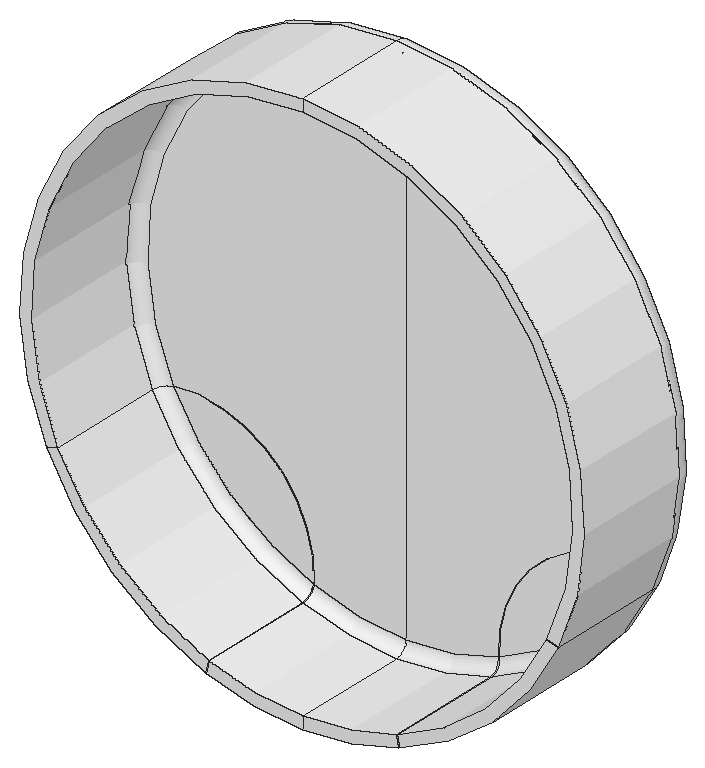
Revit family
Parameters (values of type "Incandescent 240 mm")
  Wattage Comments = "2 x 40 "
  Wattage = 9.2903 W
  built-in parameter 1150110 = 1 (stored number, unit not read)
  built-in parameter 1114217 = 1 (stored number, unit not read)
  built-in parameter 1150109 = 1 (stored number, unit not read)
  built-in parameter 1150134 = 3
  built-in parameter 1150113 = 1 (stored number, unit not read)
  Material = Plastic - White
  Manufacturer = "Revit"
  built-in parameter 1150105 = 109.82 (stored number, unit not read)
  Lumens = 1380 lm
  built-in parameter 1150115 = 1 (stored number, unit not read)
  Light Source Symbol Size = 609.6 mm
  built-in parameter 1150137 = (empty or 0)
  built-in parameter 1150139 = (empty or 0)
  built-in parameter 1150112 = 1 (stored number, unit not read)
  built-in parameter 1150114 = 1 (stored number, unit not read)
  Lamp = "Incandescent"
  Keynote = "V"
  built-in parameter 1150132 = 2
  built-in parameter 1150102 = (empty or 0)
  built-in parameter 1150107 = 3200 (stored number, unit not read)
  built-in parameter 1150138 = (empty or 0)
  built-in parameter 1150106 = 1.0982 (stored number, unit not read)
  built-in parameter 1150104 = 13.8 (stored number, unit not read)
  Dimming Lamp Color Temperature Shift = (empty or 0)
  Description = "Wall Lamp"
  Color Filter = 16777215
  built-in parameter 1114218 = 1 (stored number, unit not read)
  built-in parameter 1150133 = 10 (stored number, unit not read)
  Assembly Code = "D5020220"
Reference planes
  plane 1: y = 0
  plane 2 "Light Source Axis (L/R)": x = 125
  plane 3 "Light Source Axis (F/R)": y = 95
  plane 4 "Light Source Elevation": z = 1800
Forms (mm)
  Revolve 1, solid, material "Plastic - White" <- "Material"
    sketch origin (125, -1.74, 0) x (0, 1, 0) y (0, 0, 1)
      loop
        line (135, 1800) -> (130, 1800) -> (130, 1690)
        arc (130, 1690) -> (128.536, 1686.464) -> (125, 1685) r 5
        line (125, 1685) -> (75, 1685) -> (75, 1680) -> (125, 1680)
        arc (125, 1680) -> (132.071, 1682.929) -> (135, 1690) r 10
        line (135, 1690) -> (135, 1800)
      axis (135, 1800) -> (75, 1800)
    angle from 0 to 360
  Extrusion 2, void
    sketch origin (125, 73.26, 1800) x (1, 0, 0) y (0, 0, -1)
      loop
        arc (127.03, 62.068) -> (95.756, 104.765) -> (49.156, 129.855) r 120
        arc (49.156, 129.855) -> (57.105, 60.363) -> (127.03, 62.068) r 51.83
      loop
        arc (-129.517, 64.626) -> (-57.359, 60.143) -> (-50.919, 132.152) r 51.83
        arc (-50.919, 132.152) -> (-97.882, 107.31) -> (-129.517, 64.626) r 120.003
    from 0 to 85.231
  Extrusion 3, void
    sketch origin (125, 73.26, 1800) x (-1, 0, 0) y (0, 0, -1)
      loop
        arc (-42.559, 117.532) -> (-56.119, 61.243) -> (-113.375, 52.641) r 51.83
        arc (-113.375, 52.641) -> (0, -125) -> (113.375, 52.641) r 125
        arc (113.375, 52.641) -> (56.119, 61.243) -> (42.559, 117.532) r 51.83
        arc (42.559, 117.532) -> (0, 125) -> (-42.559, 117.532) r 125
    from -82.452 to 21.975
  Revolve 4, solid, material "Plastic - White"
    sketch origin (125, -1.74, 0) x (0, 1, 0) y (0, 0, 1)
      loop
        line (135, 1800) -> (130, 1800) -> (130, 1690)
        arc (130, 1690) -> (128.536, 1686.464) -> (125, 1685) r 5
        line (125, 1685) -> (75, 1685) -> (75, 1680) -> (125, 1680)
        arc (125, 1680) -> (132.071, 1682.929) -> (135, 1690) r 10
        line (135, 1690) -> (135, 1800)
      axis (135, 1800) -> (75, 1800)
    angle from 0 to 360
Cuts and joins
  Extrusion 2 cuts Revolve 1
  Extrusion 3 cuts Revolve 4
Lines and regions (mm)
  symbolic lines
    curve 1: line (5, 75, 0) -> (5, 125, 0)
    curve 2: line (15, 135, 0) -> (235, 135, 0)
    curve 3: line (245, 125, 0) -> (245, 75, 0)
    curve 4: arc (15, 135, 0) -> (7.929, 132.071, 0) -> (5, 125, 0) r 10
    curve 5: arc (235, 135, 0) -> (242.071, 132.071, 0) -> (245, 125, 0) r 10
Text (mm)
  text "Placement side" at (-1787.139, 1116.779, 0), in view "Ref. Level"
  text "Placement side" at (0, 2110.396, 2986.058), in view "Left"
  text "Placement side" at (0, 628.478, 3011.967), in view "Right"
Dimensions and locks
  locked: level to plane 4 "Light Source Elevation" at 1800
  locked: Revolve 1 sketch curve to Revolve 1 sketch curve at 5  (x2)
  locked: Revolve 1 sketch curve to Revolve 1 sketch curve at 120
  locked: Revolve 4 sketch curve to Revolve 4 sketch curve at 5  (x2)
  locked: Revolve 4 sketch curve to Revolve 4 sketch curve at 120
  aligned and locked: plane 1 to host wall
  aligned and locked: plane 2 "Light Source Axis (L/R)" to imposter light
  aligned and locked: plane 3 "Light Source Axis (F/R)" to imposter light
  aligned and locked: plane 4 "Light Source Elevation" to imposter light
